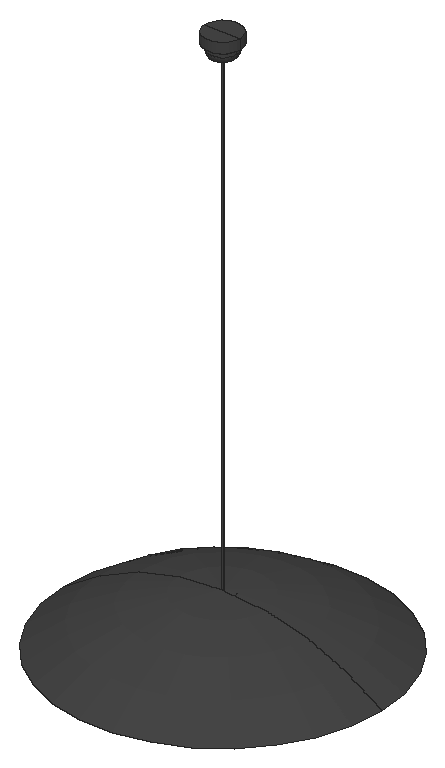
Revit family "OSDC 24,36,42,48 MB", category Lighting Fixtures, Revit 2020
Family settings
  Round Connector Dimension = Use Diameter
  Part Type = Normal
  OmniClass Number = 23.80.70.00
  OmniClass Title = Lighting
  Work Plane-Based = No
  Always vertical = Yes
  Cut with Voids When Loaded = No
  Light Source = Yes
  Shared = No
  Room Calculation Point = No
Parameters (values of type "OSDC48")
  Weight = "18.0 lbs"
  Wattage Comments = "200W Max"
  Wattage = 3.2 W
  Warranty = "5 year limited warranty"  # constant formula
  built-in parameter 1150110 = 1 (stored number, unit not read)
  Voltage = 277 V
  URL = "https://www.anplighting.com/assets/Uploads/product-attachments/specification-sheets/ANP-Specification-Sheet-RLM-MB-OSDC48.pdf"
  built-in parameter 1114217 = 1 (stored number, unit not read)
  Tilt Angle = 90.00°
  built-in parameter 1150109 = 1 (stored number, unit not read)
  built-in parameter 1150134 = (empty or 0)
  built-in parameter 1150113 = 1 (stored number, unit not read)
  OSDC48 = yes
  OSDC42 = no
  OSDC36 = no
  OSDC24 = no
  Mounting Option [instance] = 1
  Power Factor = 1
  Post Mount [instance] = Mounting Option = 5  # no
  Placement X axis side [instance] = if(Post Mount, 2' 2 15/32", if(Cord or Stem Mount, 0' 0", if(E36 20 inch, 1' 8 1/4", if(E 6 26 inch, 2' 2", if(E7 41 inch, 3' 5 1/4", 0' 1")))))  # 0' - 0"
  Photometric Web File = "OSDC48M037LDDW35K.ies"
  Model = "OSDC48"
  Manufacturer = "ANP Lighting"  # constant formula
  built-in parameter 1150105 = 4000 (stored number, unit not read)
  Lumens = 4000 lm
  built-in parameter 1150115 = 1 (stored number, unit not read)
  Load Classification = Lighting
  Light Source Height [instance] = 0' - 5"
  built-in parameter 1150137 = (empty or 0)
  built-in parameter 1150139 = (empty or 0)
  Light Elevation _2 [instance] = if(Post Mount, 0' 0.66142", if(E7 41 inch, 0' 0.66142", if(E36 20 inch, 0' 1.65748", if(E 6 26 inch, 0' 1.53543", if(Cord or Stem Mount, (0' 4.3622" + Cord Length), 0' 0")))))  # 6' - 4.3622"
  Light Elevation _1 [instance] = if(Post Mount, 0' 0", if(E7 41 inch, 0' 0", if(E36 20 inch, 0' 1", if(E 6 26 inch, 0' 0.87402", if(Cord or Stem Mount, (0' 3.66142" + Cord Length), 0' 0")))))  # 6' - 3.66142"
  Light Elevation [instance] = if(Post Mount, 14' 0.5315", if(E7 41 inch, 0' 0", 0' 0"))  # 0' - 0"
  Life = "L70 50,000 hours"  # constant formula
  built-in parameter 1150112 = 1 (stored number, unit not read)
  built-in parameter 1150114 = 1 (stored number, unit not read)
  Lamp = "MB"
  built-in parameter 1150132 = 2
  built-in parameter 1150102 = (empty or 0)
  built-in parameter 1150107 = 3500 (stored number, unit not read)
  built-in parameter 1150138 = (empty or 0)
  built-in parameter 1150106 = 40 (stored number, unit not read)
  INSIDE BODY = INSIDE BODY
  Fixture Height = 0' - 8"
  Fixture Diameter = 4' - 0"
  Efficiency = "65-125 lumens per watt"  # constant formula
  built-in parameter 1150104 = 116.13 (stored number, unit not read)
  E7 41 inch [instance] = Mounting Option = 4  # no
  E36 20 inch [instance] = Mounting Option = 3  # no
  E 6 26 inch [instance] = Mounting Option = 2  # no
  Dimming Lamp Color Temperature Shift = <None>
  Dimming = "1%"  # constant formula
  Description = "120-277 Voltage"  # constant formula
  Default Elevation = 0' - 0"
  Cord or Stem Mount [instance] = Mounting Option = 1  # yes
  Cord Length option [instance] = 0
  Cord Length [instance] = if([2' Cord], 2' 0", if([4' Cord], 4' 0", if([8' Cord], 8' 0", if([10' Cord], 10' 0", if([6' Cord], 6' 0", 6' 0")))))  # 6' - 0"
  Construction Material = "Heavy Duty spun aluminum."  # constant formula
  Color Filter = 16777215
  CRI = ">90"  # constant formula
  Bulb = Bulb
  Body Material = body
  Body Colour = "Spun aluminium"  # constant formula
  built-in parameter 1114218 = 1 (stored number, unit not read)
  built-in parameter 1150133 = 10 (stored number, unit not read)
  Apparent Load = 200 VA
  8' Cord [instance] = Cord Length option = 8  # no
  6' Cord [instance] = Cord Length option = 6  # no
  4' Cord [instance] = Cord Length option = 4  # no
  2' Cord [instance] = Cord Length option = 2  # no
  10' Cord [instance] = Cord Length option = 10  # no
Types (5): name | Weight | Wattage | URL | OSDC48 | OSDC42 | OSDC36 | OSDC24 | Model | built-in parameter 1150105 | Lumens | Light Source Height | built-in parameter 1150106 | Fixture Height | Fixture Diameter
  (no name) | "18.0 lbs" | 3.2 W | "https://www.anplighting.com/assets/Uploads/product-attachments/specification-sheets/ANP-Specification-Sheet-RLM-MB-OSDC48.pdf" | yes | no | no | no | "OSDC48" | 4000 (stored number, unit not read) | 4000 lm | 0' - 5" | 40 (stored number, unit not read) | 0' - 8" | 4' - 0"
  OSDC24 | "8.0 lbs" | 1.6 W | "https://www.anplighting.com/assets/Uploads/product-attachments/specification-sheets/ANP-Specification-Sheet-RLM-MB-OSDC24.pdf" | no | no | no | yes | "OSDC24" | 159.15 (stored number, unit not read) | 2000 lm | 0' - 4" | 1.5915 (stored number, unit not read) | 0' - 5" | 2' - 0"
  OSDC36 | "11.0 lbs" | 3.2 W | "https://www.anplighting.com/assets/Uploads/product-attachments/specification-sheets/ANP-Specification-Sheet-RLM-MB-OSDC36.pdf" | no | no | yes | no | "OSDC36" | 4000 (stored number, unit not read) | 4000 lm | 0' - 4" | 40 (stored number, unit not read) | 0' - 6" | 3' - 0"
  OSDC42 | "14.5 lbs" | 3.2 W | "https://www.anplighting.com/assets/Uploads/product-attachments/specification-sheets/ANP-Specification-Sheet-RLM-MB-OSDC42.pdf" | no | yes | no | no | "OSDC42" | 4000 (stored number, unit not read) | 4000 lm | 0' - 5" | 40 (stored number, unit not read) | 0' - 8" | 3' - 6"
  OSDC48 | "18.0 lbs" | 3.2 W | "https://www.anplighting.com/assets/Uploads/product-attachments/specification-sheets/ANP-Specification-Sheet-RLM-MB-OSDC48.pdf" | yes | no | no | no | "OSDC48" | 4000 (stored number, unit not read) | 4000 lm | 0' - 5" | 40 (stored number, unit not read) | 0' - 8" | 4' - 0"
Reference planes (in)
  plane 1 "Light Source Axis (F/B)": y = 0
  plane 2: z = 0
  plane 3 "Light Source Axis (L/R)": x = 0
  plane 4 "Light Source Elevation": z = 0
  plane 5: z = 0
  plane 6: x = 0
  plane 7 "Bulb Position": z = -76.3622
  plane 8 "Canopy Position": z = -75.66142
  plane 9 "IES": z = -81.3622
Dimensions and locks (in)
  "Light Elevation": plane 5 to plane 2
  "Placement X axis side": plane 6 to plane 3 "Light Source Axis (L/R)"
  "Light Elevation _2": plane 5 to plane 7 "Bulb Position"
  "Light Elevation _1": plane 5 to plane 8 "Canopy Position"
  "Light Source Height": plane 7 "Bulb Position" to plane 9 "IES"
  locked: plane 4 "Light Source Elevation" to plane 2
  aligned and locked: level to plane 2
  aligned and locked: plane 1 "Light Source Axis (F/B)" to nested 5
  aligned and locked: nested 5 to plane 2
  aligned and locked: nested 1 to plane 3 "Light Source Axis (L/R)"
  aligned and locked: plane 3 "Light Source Axis (L/R)" to nested 2
  aligned and locked: plane 3 "Light Source Axis (L/R)" to nested 4
  aligned and locked: nested 3 to plane 5
  aligned and locked: plane 3 "Light Source Axis (L/R)" to nested 3
  aligned and locked: plane 3 "Light Source Axis (L/R)" to nested 5
  aligned and locked: plane 1 "Light Source Axis (F/B)" to nested 2
  aligned and locked: plane 1 "Light Source Axis (F/B)" to nested 1
  aligned and locked: plane 1 "Light Source Axis (F/B)" to nested 4
  aligned and locked: plane 1 "Light Source Axis (F/B)" to nested 3
  aligned and locked: plane 2 to nested 1
  aligned and locked: plane 2 to nested 2
  aligned and locked: nested 4 to plane 2
  aligned and locked: imposter light to plane 9 "IES"
  aligned and locked: imposter light to plane 6
  aligned and locked: nested 6 to plane 8 "Canopy Position"
  aligned and locked: nested 8 to plane 8 "Canopy Position"
  aligned and locked: nested 7 to plane 8 "Canopy Position"
  aligned and locked: nested 9 to plane 8 "Canopy Position"
  aligned and locked: nested 6 to plane 6
  aligned and locked: nested 7 to plane 6
  aligned and locked: nested 8 to plane 6
  aligned and locked: nested 9 to plane 6
Nested families (in)
  nested 1: "CORD OR STEM MOUNT" at (0, 0, -75.67), visible <- "Cord or Stem Mount", Cord or Stem Mount <- "Cord or Stem Mount", Body Material <- "Body Material", Light Elevation <- "Light Elevation", Cord Length <- "Cord Length", 10' Cord <- "10' Cord", 2' Cord <- "2' Cord", 4' Cord <- "4' Cord", 6' Cord <- "6' Cord", 8' Cord <- "8' Cord", type "CORD OR STEM MOUNT"
    with Light Elevation 0' - 0", Cord or Stem Mount yes, Cord Length 6' - 0", Body Material body, 8' Cord no, 6' Cord no, 4' Cord no, 2' Cord no, 10' Cord no
  nested 2: "E6 26 INCH" at (0, 0, 0), visible <- "E 6 26 inch", Chain Length <- "Cord Length", E 6 26 inch <- "E 6 26 inch", Placement X axis side <- "Placement X axis side", Body Material <- "Body Material", Light Elevation <- "Light Elevation", type "E6 26 INCH"
    with Placement X axis side 0' - 0", Light Elevation 0' - 0", E 6 26 inch no, Chain Length 6' - 0", Body Material body
  nested 3: "E7 41 INCH" at (0, 0, 0), Chain Length <- "Cord Length", visible <- "E7 41 inch", E7 41 inch <- "E7 41 inch", Placement X axis side <- "Placement X axis side", Body Material <- "Body Material", Light Elevation <- "Light Elevation", type "E7 41 INCH"
    with Placement X axis side 0' - 0", Light Elevation 0' - 0", E7 41 inch no, Chain Length 6' - 0", Body Material body
  nested 4: "E36 20 INCH" at (0, 0, 0), visible <- "E36 20 inch", E36 20 inch <- "E36 20 inch", Placement X axis side <- "Placement X axis side", Chain Length <- "Cord Length", Body Material <- "Body Material", Light Elevation <- "Light Elevation", type "E36 20 INCH"
    with Placement X axis side 0' - 0", Light Elevation 0' - 0", E36 20 inch no, Chain Length 6' - 0", Body Material body
  nested 5: "POST MOUNT" at (0, 0, 0), visible <- "Post Mount", Post Mount <- "Post Mount", Placement X axis side <- "Placement X axis side", Chain Length <- "Cord Length", Body Material <- "Body Material", Light Elevation <- "Light Elevation", type "POST MOUNT"
    with Post Mount no, Placement X axis side 0' - 0", Light Elevation 0' - 0", Chain Length 6' - 0", Body Material body
  nested 6: "OSDC24" at (0, 0, -75.66142), Light Elevation <- "Light Elevation", Body <- "Body Material", Bulb <- "Bulb", OSDC24 <- "OSDC24", visible <- "OSDC24", type "OSDC24"
    with OSDC24 no, Light Elevation 0' - 0", Bulb Bulb, Body body
  nested 7: "OSDC36" at (0, 0, -75.66142), Light Elevation <- "Light Elevation", Body <- "Body Material", Bulb <- "Bulb", OSDC36 <- "OSDC36", visible <- "OSDC36", type "OSDC36"
    with OSDC36 no, Light Elevation 0' - 0", INNER MATERIAL none, Bulb Bulb, Body body
  nested 8: "OSDC42" at (0, 0, -75.66142), Light Elevation <- "Light Elevation", Body <- "Body Material", Bulb <- "Bulb", INSIDE BODY <- "INSIDE BODY", OSDC42 <- "OSDC42", visible <- "OSDC42", type "OSDC42"
    with OSDC42 no, Light Elevation 0' - 0", INSIDE BODY INSIDE BODY, Bulb Bulb, Body body
  nested 9: "OSDC48" at (0, 0, -75.66142), Light Elevation <- "Light Elevation", Body <- "Body Material", Bulb <- "Bulb", visible <- "OSDC48", type "OSDC48"
    with Light Elevation 0' - 0", Bulb Bulb, Body body
Definition of nested family "CORD OR STEM MOUNT"
  Parameters (values of type "CORD OR STEM MOUNT")
    URL = ""
    Model = ""
    Manufacturer = ""
    Light Elevation [instance] = 1' - 7.69"
    Default Elevation = 0' - 0"
    Cord or Stem Mount [instance] = yes
    Cord Length [instance] = 6' - 0"
    Body Material [instance] = none
    8' Cord [instance] = no
    6' Cord [instance] = no
    4' Cord [instance] = no
    2' Cord [instance] = no
    10' Cord [instance] = no
  Reference planes (in)
    plane 1 "Light Source Axis (F/B)": y = 0
    plane 2: z = 0
    plane 3 "Light Source Axis (L/R)": x = 0
    plane 4 "Light Source Elevation": z = 23.125
    plane 5: z = 91.69
    plane 6: z = 19.69
  Forms (in)
    Extrusion 1, void, not visible
      sketch origin (0, 0, 2.38154) x (1, 0, 0) y (0, 0, 1)
        loop
          circle (0, 4.59925) r 0.16583
      from 1.18594 to 1.75
    Extrusion 2, void, not visible
      sketch origin (0, 0, 2.38154) x (0.707107, -0.707107, 0) y (0, 0, 1)
        loop
          circle (0, 4.59925) r 0.16583
      from 1.18594 to 1.75
    Extrusion 3, void, not visible
      sketch origin (0, 0, 2.38154) x (0.707107, 0.707107, 0) y (0, 0, 1)
        loop
          circle (0, 4.59925) r 0.16583
      from 1.18594 to 1.75
    Extrusion 4, void, not visible
      sketch origin (0, 0, 2.38154) x (0, 1, 0) y (0, 0, 1)
        loop
          circle (0, 4.59925) r 0.16583
      from 1.18594 to 1.75
    Extrusion 5, void, not visible
      sketch origin (0, 0, 2.38154) x (-0.707107, 0.707107, 0) y (0, 0, 1)
        loop
          circle (0, 4.59925) r 0.16583
      from 1.18594 to 1.75
    Extrusion 6, void, not visible
      sketch origin (0, 0, 2.38154) x (-1, 0, 0) y (0, 0, 1)
        loop
          circle (0, 4.59925) r 0.20678
      from 1.18594 to 1.75
    Extrusion 7, void, not visible
      sketch origin (0, 0, 2.38154) x (-0.707107, -0.707107, 0) y (0, 0, 1)
        loop
          circle (0, 4.59925) r 0.16583
      from 1.18594 to 1.75
    Extrusion 8, void, not visible
      sketch origin (0, 0, 2.38154) x (0, -1, 0) y (0, 0, 1)
        loop
          circle (0, 4.59925) r 0.16583
      from 1.18594 to 1.75
    Revolve 9, solid, material <- "Body Material", visible <- "Cord or Stem Mount"
      sketch origin (0, 0, 174.56698) x (1, 0, 0) y (0, 0, 1)
        loop
          line (2.6875, -79.20698) -> (0, -79.20698) -> (0, -82.87698) -> (0.125, -82.87698) -> (0.125, -82.83698) -> (0.75, -82.83698)
          arc (0.75, -82.83698) -> (0.81694, -82.77004) -> (0.75, -82.7031) r 0.06694
          line (0.75, -82.7031) -> (0.89763, -82.7031) -> (1.00223, -82.5985) -> (1.06587, -82.5985)
          arc (1.06587, -82.5985) -> (1.80099, -82.29401) -> (2.10549, -81.55888) r 1.03962
          line (2.10549, -81.55888) -> (2.10549, -81.03899)
          arc (2.10549, -81.03899) -> (2.12951, -80.981) -> (2.1875, -80.95698) r 0.08201
          line (2.1875, -80.95698) -> (2.1875, -80.70698) -> (2.6875, -80.70698) -> (2.6875, -79.20698)
        axis (0, -79.20698) -> (0, -82.87698)
      angle from 0 to 360
    Revolve 10, solid, material <- "Body Material", visible <- "Cord or Stem Mount"
      sketch origin (0, 0, 0) x (1, 0, 0) y (0, 0, 1)
        loop
          line (0, 91.69) -> (-0.125, 91.69) -> (-0.125, 19.69) -> (0, 19.69) -> (0, 91.69)
        axis (0, 19.69) -> (0, 91.69)
      angle from 0 to 360
  Dimensions and locks (in)
    "Light Elevation": plane 6 to plane 2
    "Cord Length": plane 5 to plane 6
    locked: Revolve 10 sketch curve to Revolve 10 sketch curve at 0.125
    aligned and locked: level to plane 2
    aligned and locked: Revolve 10 sketch curve to plane 3 "Light Source Axis (L/R)"
    aligned and locked: Revolve 10 sketch curve to plane 6
    aligned and locked: Revolve 10 sketch curve to plane 5
    aligned and locked: plane 3 "Light Source Axis (L/R)" to Revolve 10 sketch curve
  Automatic sketch dimensions
    Revolve 9 sketch curve to plane 3 "Light Source Axis (L/R)" = 0' - 0"  (x2)
    Revolve 9 sketch curve to plane 5 = 0' - 0"
    plane 3 "Light Source Axis (L/R)" to Revolve 9 sketch curve = 0' - 0 1/8"
    Revolve 9 sketch curve to plane 5 = 0' - 0.17388"
    Revolve 9 sketch curve to Revolve 9 sketch curve = 0' - 0 5/8"
    Revolve 9 sketch curve to Revolve 9 sketch curve = 0' - 0.14763"
    Revolve 9 sketch curve to plane 5 = 0' - 0.27847"
    Revolve 9 sketch curve to Revolve 9 sketch curve = 0' - 0.1046"
    Revolve 9 sketch curve to Revolve 9 sketch curve = 0' - 0.06364"
    Revolve 9 sketch curve to Revolve 9 sketch curve = 0' - 1.03962"
    Revolve 9 sketch curve to Revolve 9 sketch curve = 0' - 0 21/256"
    Revolve 9 sketch curve to Revolve 9 sketch curve = 0' - 0 1/2"  (x2)
    Revolve 9 sketch curve to Revolve 9 sketch curve = 0' - 0.51989"
    Revolve 9 sketch curve to Revolve 9 sketch curve = 0' - 0 1/4"
    Revolve 9 sketch curve to Revolve 9 sketch curve = 0' - 2.3519"
    Revolve 9 sketch curve to Revolve 9 sketch curve = 0' - 1 1/4"
    Revolve 9 sketch curve to Revolve 9 sketch curve = 0' - 0.04"
    Revolve 10 sketch curve to Revolve 10 sketch curve = 0' - 0 1/2"
    Revolve 10 sketch curve to Revolve 10 sketch curve = 0' - 0.42345"
Definition of nested family "OSDC48"
  Parameters (values of type "OSDC48")
    OSDC48 = yes
    Light Elevation [instance] = 0' - 0"
    Inside Body = none
    Default Elevation = 0' - 0"
    Bulb [instance] = none
    Body [instance] = none
  Reference planes (in)
    plane 1 "Center (Front/Back)": y = 0
    plane 2: z = 0
    plane 3 "Center (Left/Right)": x = 0
    plane 4: z = 0
  Dimensions and locks (in)
    "Light Elevation": plane 4 to plane 2
    aligned and locked: plane 2 to level
    aligned and locked: plane 3 "Center (Left/Right)" to nested 1
    aligned and locked: plane 1 "Center (Front/Back)" to nested 1
    aligned and locked: plane 4 to nested 1
  Nested families (in)
    nested 1: "Family17" at (0, 0, -7.99951), Body <- "Body", INSIDE BODY <- "Inside Body", visible <- "OSDC48", OSDC48 <- "OSDC48", Bulb <- "Bulb", type "Family17"
      with OSDC48 yes, INSIDE BODY none, Body none
  Definition of nested family "Family17"
    Parameters (values of type "Family17")
      OSDC48 [instance] = yes
      INSIDE BODY [instance] = none
      Default Elevation = 0' - 0"
      Bulb [instance] = none
      Body [instance] = none
    Reference planes (in)
      plane 1 "Center (Front/Back)": y = 0
      plane 2: z = 0
      plane 3 "Center (Left/Right)": x = 0
    Forms (in)
      Revolve 1, solid, material <- "Body", visible <- "OSDC48"
        sketch origin (0, 0, 0) x (1, 0, 0) y (0, 0, 1)
          loop
            line (0.1985, 7.99951) -> (0.1985, 7.89951)
            arc (0.1985, 7.89951) -> (12.64826, 5.84219) -> (23.83296, 0) r 39.9
            line (23.83296, 0) -> (24, 0)
            arc (24, 0) -> (12.74323, 5.91583) -> (0.1985, 7.99951) r 40
          axis (0, 0) -> (0, 7.99951)
        angle from 0 to 360
      Revolve 2, solid, material <- "INSIDE BODY", visible <- "OSDC48"
        sketch origin (0, 0, 0) x (1, 0, 0) y (0, 0, 1)
          loop
            line (0.1985, 7.88375) -> (0.1985, 7.78375)
            arc (0.1985, 7.78375) -> (12.52659, 5.75929) -> (23.61309, 0) r 39.65652
            line (23.61309, 0) -> (23.78077, 0)
            arc (23.78077, 0) -> (12.62184, 5.83295) -> (0.1985, 7.88375) r 39.75652
          axis (0, 0) -> (0, 7.88375)
        angle from 0 to 360
      Revolve 3, solid, material <- "Bulb", visible <- "OSDC48"
        sketch origin (0, 0, 0) x (1, 0, 0) y (0, 0, 1)
          loop
            line (0, 6) -> (0.75, 6) -> (0.75, 6.25) -> (0.89811, 6.25) -> (1.70331, 7.64466)
            arc (1.70331, 7.64466) -> (0.85359, 7.74288) -> (0, 7.6875) r 4.76185
            line (0, 7.6875) -> (0, 6)
          axis (0, 7.6875) -> (0, 6)
        angle from 0 to 360
    Dimensions and locks (in)
      locked: Revolve 3 to plane 2 at 6
      aligned and locked: plane 2 to level
Definition of nested family "E6 26 INCH"
  Parameters (values of type "E6 26 INCH")
    URL = ""
    Placement X axis side [instance] = 2' - 2"
    Model = ""
    Manufacturer = ""
    Light Elevation [instance] = 8' - 4"
    E 6 26 inch [instance] = yes
    Default Elevation = 0' - 0"
    Chain Length [instance] = 0' - 0"
    Body Material [instance] = none
  Reference planes (in)
    plane 1 "Light Source Axis (F/B)": y = 0
    plane 2: z = 0
    plane 3 "Light Source Axis (L/R)": x = 0
    plane 4 "Light Source Elevation": z = 23.125
    plane 5: z = 100
    plane 6: x = -26
    plane 7: z = 99.125
    plane 8: x = -24.12
    plane 9: x = -25.5474
  Forms (in)
    Extrusion 1, void, not visible
      sketch origin (0, 0, 2.38154) x (1, 0, 0) y (0, 0, 1)
        loop
          circle (0, 4.59925) r 0.16583
      from 1.18594 to 1.75
    Extrusion 2, void, not visible
      sketch origin (0, 0, 2.38154) x (0.707107, -0.707107, 0) y (0, 0, 1)
        loop
          circle (0, 4.59925) r 0.16583
      from 1.18594 to 1.75
    Extrusion 3, void, not visible
      sketch origin (0, 0, 2.38154) x (0.707107, 0.707107, 0) y (0, 0, 1)
        loop
          circle (0, 4.59925) r 0.16583
      from 1.18594 to 1.75
    Extrusion 4, void, not visible
      sketch origin (0, 0, 2.38154) x (0, 1, 0) y (0, 0, 1)
        loop
          circle (0, 4.59925) r 0.16583
      from 1.18594 to 1.75
    Extrusion 5, void, not visible
      sketch origin (0, 0, 2.38154) x (-0.707107, 0.707107, 0) y (0, 0, 1)
        loop
          circle (0, 4.59925) r 0.16583
      from 1.18594 to 1.75
    Extrusion 6, void, not visible
      sketch origin (0, 0, 2.38154) x (-1, 0, 0) y (0, 0, 1)
        loop
          circle (0, 4.59925) r 0.20678
      from 1.18594 to 1.75
    Extrusion 7, void, not visible
      sketch origin (0, 0, 2.38154) x (-0.707107, -0.707107, 0) y (0, 0, 1)
        loop
          circle (0, 4.59925) r 0.16583
      from 1.18594 to 1.75
    Extrusion 8, void, not visible
      sketch origin (0, 0, 2.38154) x (0, -1, 0) y (0, 0, 1)
        loop
          circle (0, 4.59925) r 0.16583
      from 1.18594 to 1.75
    Sweep 9, solid, material <- "Body Material", visible <- "E 6 26 inch"
      path origin (-41.25, 0, 168.51693) x (1, 0, 0) y (0, 0, 1)
        loop
          line (17.13, -68.51693) -> (27.68551, -68.51693)
          arc (27.68551, -68.51693) -> (28.47996, -68.34486) -> (29.13202, -67.8595) r 1.92004
          line (29.13202, -67.8595) -> (34.23651, -62.01155)
          arc (34.23651, -62.01155) -> (38.65464, -60.89667) -> (41.25, -64.64193) r 4
          line (41.25, -64.64193) -> (41.25, -69.39193)
      profile origin (-18.84224, 0, 100) x (0, 0, 1) y (0, -1, 0)
        loop
          circle (0, 0) r 0.5
    Revolve 10, solid, material <- "Body Material", visible <- "E 6 26 inch"
      sketch origin (-26, 0, 168.51693) x (1, 0, 0) y (0, 0, 1)
        loop
          line (0, -66.07943) -> (0, -68.51693) -> (1.88, -68.51693) -> (1.88, -67.69272) -> (0.4526, -67.69272) -> (0.4526, -66.54122) -> (0.33125, -66.54122) -> (0.33125, -66.07943) -> (0, -66.07943)
        axis (0, -68.51693) -> (1.88, -68.51693)
      angle from 0 to 360
    Extrusion 11, solid, material <- "Body Material", visible <- "E 6 26 inch"
      sketch origin (-26, 0, 168.51693) x (0, -1, 0) y (0, 0, -1)
        loop
          line (0.25, 68.51693) -> (0.25, 69.51693) -> (-0.25, 69.51693) -> (-0.25, 68.51693) -> (0.25, 68.51693)
      from 0.4526 to 1.88
  Cuts and joins
    joined: Revolve 10, Extrusion 11
  Dimensions and locks (in)
    "Light Elevation": plane 5 to plane 2
    "Placement X axis side": plane 3 "Light Source Axis (L/R)" to plane 6
    locked: plane 5 to plane 7 at 0.875
    Revolve 10 sketch curve to Revolve 10 sketch curve to Revolve 10 sketch curve to plane 6 = 0' - 1.4274" locked, 0' - 0.12135" locked, 0' - 0.33125" locked
    Revolve 10 sketch curve to Revolve 10 sketch curve to Revolve 10 sketch curve to plane 5 = 0' - 0.46179" locked, 0' - 1.1515" locked, 0' - 0 211/256" locked
    locked: Sweep 9 sketch curve to plane 6 at 1.88
    locked: Sweep 9 sketch curve to Sweep 9 sketch curve at 10.55551
    locked: Sweep 9 sketch curve to Sweep 9 sketch curve at 13.56449
    locked: Sweep 9 sketch curve to Sweep 9 sketch curve at 4.75
    locked: plane 9 to plane 6 at 0.4526
    locked: plane 8 to plane 9 at 1.4274
    aligned and locked: level to plane 2
    aligned and locked: Revolve 10 sketch curve to plane 6
    aligned and locked: plane 5 to Revolve 10 sketch curve
    aligned and locked: Revolve 10 sketch curve to plane 5
    aligned and locked: cut or joined group of Revolve 10, Extrusion 11 to plane 9
    aligned and locked: plane 8 to cut or joined group of Revolve 10, Extrusion 11
  Automatic sketch dimensions
    Sweep 9 sketch curve to plane 5 = 0' - 0"
    Sweep 9 sketch curve to Sweep 9 sketch curve = 0' - 4"
    Sweep 9 sketch curve to Sweep 9 sketch curve = 0' - 3.01349"
    plane 5 to Sweep 9 sketch curve = 0' - 0.65743"
    Sweep 9 sketch curve to Sweep 9 sketch curve = 0' - 1.4465"
    Sweep 9 sketch curve to plane 5 = 0' - 0 7/8"
    profile plane to Sweep 9 sketch curve = 0' - 0"
    Sweep 9 sketch curve to profile plane = 0' - 0"
    plane 6 to Revolve 10 sketch curve = 0' - 0.62562"
    Revolve 10 sketch curve to Revolve 10 sketch curve = 0' - 0 1/2"
    Extrusion 11 sketch curve to plane 5 = 0' - 0"
    plane 1 "Light Source Axis (F/B)" to Extrusion 11 sketch curve = 0' - 0 1/4"
    Extrusion 11 sketch curve to plane 1 "Light Source Axis (F/B)" = 0' - 0 1/4"
    plane 5 to Extrusion 11 sketch curve = 0' - 1"
    radius of Sweep 9 sketch curve = 0' - 0 1/2"
Definition of nested family "E7 41 INCH"
  Parameters (values of type "E7 41 INCH")
    URL = ""
    Placement X axis side [instance] = 4' - 2"
    Model = ""
    Manufacturer = ""
    Light Elevation [instance] = 8' - 4"
    E7 41 inch [instance] = yes
    Default Elevation = 0' - 0"
    Chain Length [instance] = 0' - 0"
    Body Material [instance] = none
  Reference planes (in)
    plane 1 "Light Source Axis (F/B)": y = 0
    plane 2: z = 0
    plane 3 "Light Source Axis (L/R)": x = 0
    plane 4 "Light Source Elevation": z = 23.125
    plane 5: z = 100
    plane 6: x = -50
  Forms (in)
    Extrusion 1, void, not visible
      sketch origin (0, 0, 2.38154) x (1, 0, 0) y (0, 0, 1)
        loop
          circle (0, 4.59925) r 0.16583
      from 1.18594 to 1.75
    Extrusion 2, void, not visible
      sketch origin (0, 0, 2.38154) x (0.707107, -0.707107, 0) y (0, 0, 1)
        loop
          circle (0, 4.59925) r 0.16583
      from 1.18594 to 1.75
    Extrusion 3, void, not visible
      sketch origin (0, 0, 2.38154) x (0.707107, 0.707107, 0) y (0, 0, 1)
        loop
          circle (0, 4.59925) r 0.16583
      from 1.18594 to 1.75
    Extrusion 4, void, not visible
      sketch origin (0, 0, 2.38154) x (0, 1, 0) y (0, 0, 1)
        loop
          circle (0, 4.59925) r 0.16583
      from 1.18594 to 1.75
    Extrusion 5, void, not visible
      sketch origin (0, 0, 2.38154) x (-0.707107, 0.707107, 0) y (0, 0, 1)
        loop
          circle (0, 4.59925) r 0.16583
      from 1.18594 to 1.75
    Extrusion 6, void, not visible
      sketch origin (0, 0, 2.38154) x (-1, 0, 0) y (0, 0, 1)
        loop
          circle (0, 4.59925) r 0.20678
      from 1.18594 to 1.75
    Extrusion 7, void, not visible
      sketch origin (0, 0, 2.38154) x (-0.707107, -0.707107, 0) y (0, 0, 1)
        loop
          circle (0, 4.59925) r 0.16583
      from 1.18594 to 1.75
    Extrusion 8, void, not visible
      sketch origin (0, 0, 2.38154) x (0, -1, 0) y (0, 0, 1)
        loop
          circle (0, 4.59925) r 0.16583
      from 1.18594 to 1.75
    Revolve 9, solid, material <- "Body Material", visible <- "E7 41 inch"
      sketch origin (-41.25, 0, 168.39193) x (1, 0, 0) y (0, 0, 1)
        loop
          line (-8.75, -66.20443) -> (-8.75, -68.51693) -> (-6.87, -68.51693) -> (-6.87, -67.69272) -> (-8.2974, -67.69272) -> (-8.2974, -66.54122) -> (-8.41875, -66.54122) -> (-8.41875, -66.20443) -> (-8.75, -66.20443)
        axis (-8.75, -68.51693) -> (-6.87, -68.51693)
      angle from 0 to 360
    Extrusion 10, solid, material <- "Body Material", visible <- "E7 41 inch"
      sketch origin (-41.25, 0, 168.39193) x (0, -1, 0) y (0, 0, -1)
        loop
          line (0.25, 68.51693) -> (0.25, 69.51693) -> (-0.25, 69.51693) -> (-0.25, 68.51693) -> (0.25, 68.51693)
      from -8.2974 to -6.87
    Sweep 11, solid, material <- "Body Material", visible <- "E7 41 inch"
      path origin (-41.25, 0, 168.39193) x (1, 0, 0) y (0, 0, 1)
        loop
          line (-6.87, -68.51693) -> (16.04011, -68.51693)
          arc (16.04011, -68.51693) -> (17.864, -68.13651) -> (19.38375, -67.0587) r 4.5625
          line (19.38375, -67.0587) -> (24.70217, -61.33018)
          arc (24.70217, -61.33018) -> (29.64465, -60.20324) -> (32.5, -64.39193) r 4.5
          line (32.5, -64.39193) -> (32.5, -68.39193)
      profile origin (-36.66494, 0, 99.875) x (0, 0, 1) y (0, -1, 0)
        loop
          circle (0, 0) r 0.5
  Dimensions and locks (in)
    "Placement X axis side": plane 3 "Light Source Axis (L/R)" to plane 6
    "Light Elevation": plane 5 to plane 2
    locked: Revolve 9 sketch curve to Revolve 9 sketch curve at 0.33125
    locked: Revolve 9 sketch curve to Revolve 9 sketch curve at 0.4526
    locked: Revolve 9 sketch curve to Revolve 9 sketch curve at 1.88
    locked: Revolve 9 sketch curve to Revolve 9 sketch curve at 0.82421
    locked: Revolve 9 sketch curve to Revolve 9 sketch curve at 1.1515
    locked: Revolve 9 sketch curve to Revolve 9 sketch curve at 0.33679
    locked: plane 5 to Revolve 9 sketch curve at 0.125
    locked: Extrusion 10 sketch curve to Extrusion 10 sketch curve at 0.5
    locked: Extrusion 10 sketch curve to Extrusion 10 sketch curve at 1
    locked: plane 5 to Extrusion 10 sketch curve at 0.125
    locked: plane 5 to Sweep 11 sketch curve at 0.125
    locked: Sweep 11 sketch curve to Sweep 11 sketch curve at 39.37
    locked: Sweep 11 sketch curve to Sweep 11 sketch curve at 4
    locked: plane 6 to Extrusion 10 at 0.4526
    locked: Sweep 11 sketch curve to plane 6 at 1.88
    locked: Extrusion 10 to Extrusion 10 at 1.4274
    aligned and locked: plane 2 to level
    aligned and locked: Revolve 9 sketch curve to plane 6
  Automatic sketch dimensions
    Revolve 9 sketch curve to plane 5 = 0' - 0 1/8"
    plane 6 to Revolve 9 sketch curve = 0' - 0.62562"
    Revolve 9 sketch curve to Revolve 9 sketch curve = 0' - 0 1/2"
    plane 1 "Light Source Axis (F/B)" to Extrusion 10 sketch curve = 0' - 0 1/4"
    Sweep 11 sketch curve to plane 5 = 0' - 0"
    Sweep 11 sketch curve to Sweep 11 sketch curve = 0' - 4 1/2"
    Sweep 11 sketch curve to Sweep 11 sketch curve = 0' - 3.29783"
    plane 5 to Sweep 11 sketch curve = 0' - 1.33323"
    Sweep 11 sketch curve to Sweep 11 sketch curve = 0' - 5.31842"
    Sweep 11 sketch curve to Sweep 11 sketch curve = 0' - 3.34364"
    profile plane to Sweep 11 sketch curve = 0' - 0"
    Sweep 11 sketch curve to profile plane = 0' - 0"
    radius of Sweep 11 sketch curve = 0' - 0 1/2"
Definition of nested family "E36 20 INCH"
  Parameters (values of type "E36 20 INCH")
    URL = ""
    Placement X axis side [instance] = 1' - 8 1/4"
    Model = ""
    Manufacturer = ""
    Light Elevation [instance] = 8' - 4"
    E36 20 inch [instance] = yes
    Default Elevation = 0' - 0"
    Chain Length [instance] = 0' - 0"
    Body Material [instance] = none
  Reference planes (in)
    plane 1 "Light Source Axis (F/B)": y = 0
    plane 2: z = 0
    plane 3 "Light Source Axis (L/R)": x = 0
    plane 4 "Light Source Elevation": z = 23.125
    plane 5: z = 99
    plane 6: x = -20.25
    plane 7: z = 100
    plane 8: x = -18.37008
    plane 9: x = -19.79724
  Forms (in)
    Extrusion 1, void, not visible
      sketch origin (0, 0, 2.38154) x (1, 0, 0) y (0, 0, 1)
        loop
          circle (0, 4.59925) r 0.16583
      from 1.18594 to 1.75
    Extrusion 2, void, not visible
      sketch origin (0, 0, 2.38154) x (0.707107, -0.707107, 0) y (0, 0, 1)
        loop
          circle (0, 4.59925) r 0.16583
      from 1.18594 to 1.75
    Extrusion 3, void, not visible
      sketch origin (0, 0, 2.38154) x (0.707107, 0.707107, 0) y (0, 0, 1)
        loop
          circle (0, 4.59925) r 0.16583
      from 1.18594 to 1.75
    Extrusion 4, void, not visible
      sketch origin (0, 0, 2.38154) x (0, 1, 0) y (0, 0, 1)
        loop
          circle (0, 4.59925) r 0.16583
      from 1.18594 to 1.75
    Extrusion 5, void, not visible
      sketch origin (0, 0, 2.38154) x (-0.707107, 0.707107, 0) y (0, 0, 1)
        loop
          circle (0, 4.59925) r 0.16583
      from 1.18594 to 1.75
    Extrusion 6, void, not visible
      sketch origin (0, 0, 2.38154) x (-1, 0, 0) y (0, 0, 1)
        loop
          circle (0, 4.59925) r 0.20678
      from 1.18594 to 1.75
    Extrusion 7, void, not visible
      sketch origin (0, 0, 2.38154) x (-0.707107, -0.707107, 0) y (0, 0, 1)
        loop
          circle (0, 4.59925) r 0.16583
      from 1.18594 to 1.75
    Extrusion 8, void, not visible
      sketch origin (0, 0, 2.38154) x (0, -1, 0) y (0, 0, 1)
        loop
          circle (0, 4.59925) r 0.16583
      from 1.18594 to 1.75
    Sweep 9, solid, material <- "Body Material", visible <- "E36 20 inch"
      path origin (-41.25, 0, 169.51693) x (1, 0, 0) y (0, 0, 1)
        loop
          line (22.88, -69.51693) -> (28.93827, -69.51693)
          arc (28.93827, -69.51693) -> (29.97705, -69.28152) -> (30.81284, -68.62128) r 2.40953
          line (30.81284, -68.62128) -> (34.13807, -64.50378)
          arc (34.13807, -64.50378) -> (38.58272, -63.24548) -> (41.25, -67.01693) r 4
          line (41.25, -67.01693) -> (41.25, -70.51693)
      profile origin (-15.34086, 0, 100) x (0, 0, 1) y (0, -1, 0)
        loop
          circle (0, 0) r 0.5
    Revolve 10, solid, material <- "Body Material", visible <- "E36 20 inch"
      sketch origin (-20.25, 0, 169.51693) x (1, 0, 0) y (0, 0, 1)
        loop
          line (0, -67.20443) -> (0, -69.51693) -> (1.88, -69.51693) -> (1.88, -68.69272) -> (0.4526, -68.69272) -> (0.4526, -67.54122) -> (0.33125, -67.54122) -> (0.33125, -67.20443) -> (0, -67.20443)
        axis (0, -69.51693) -> (1.88, -69.51693)
      angle from 0 to 360
    Extrusion 11, solid, material <- "Body Material", visible <- "E36 20 inch"
      sketch origin (-20.25, 0, 169.51693) x (0, -1, 0) y (0, 0, -1)
        loop
          line (0.25, 69.51693) -> (0.25, 70.51693) -> (-0.25, 70.51693) -> (-0.25, 69.51693) -> (0.25, 69.51693)
      from 1.87992 to 0.45276
  Cuts and joins
    joined: Revolve 10, Extrusion 11
  Dimensions and locks (in)
    "Light Elevation": plane 7 to plane 2
    "Placement X axis side": plane 3 "Light Source Axis (L/R)" to plane 6
    locked: plane 7 to plane 5 at 1
    Revolve 10 sketch curve to Revolve 10 sketch curve to Revolve 10 sketch curve to plane 7 = 0' - 0.33679" locked, 0' - 1.1515" locked, 0' - 0 211/256" locked
    locked: Sweep 9 sketch curve to plane 6 at 1.88
    locked: Sweep 9 sketch curve to Sweep 9 sketch curve at 6.05827
    locked: Sweep 9 sketch curve to Sweep 9 sketch curve at 12.31173
    locked: Sweep 9 sketch curve to Sweep 9 sketch curve at 3.5
    Revolve 10 sketch curve to Revolve 10 sketch curve to Revolve 10 sketch curve to plane 6 = 0' - 1.4274" locked, 0' - 0.12135" locked, 0' - 0.33125" locked
    locked: plane 9 to plane 6 at 0.45276
    locked: plane 8 to plane 9 at 1.42717
    aligned and locked: level to plane 2
    aligned and locked: plane 7 to Revolve 10 sketch curve
    aligned and locked: Revolve 10 sketch curve to plane 7
    aligned and locked: Revolve 10 sketch curve to plane 6
    aligned and locked: cut or joined group of Revolve 10, Extrusion 11 to plane 9
    aligned and locked: plane 8 to cut or joined group of Revolve 10, Extrusion 11
  Automatic sketch dimensions
    Sweep 9 sketch curve to plane 7 = 0' - 0"
    Sweep 9 sketch curve to plane 5 = 0' - 0"
    Sweep 9 sketch curve to Sweep 9 sketch curve = 0' - 4"
    Sweep 9 sketch curve to plane 7 = 0' - 0.89565"
    Sweep 9 sketch curve to Sweep 9 sketch curve = 0' - 3.32523"
    Sweep 9 sketch curve to Sweep 9 sketch curve = 0' - 1.87457"
    profile plane to Sweep 9 sketch curve = 0' - 0"
    Sweep 9 sketch curve to profile plane = 0' - 0"
    plane 6 to Revolve 10 sketch curve = 0' - 0.62562"
    Revolve 10 sketch curve to Revolve 10 sketch curve = 0' - 0 1/2"
    plane 7 to Extrusion 11 sketch curve = 0' - 0"
    Extrusion 11 sketch curve to plane 5 = 0' - 0"
    plane 1 "Light Source Axis (F/B)" to Extrusion 11 sketch curve = 0' - 0 1/4"
    Extrusion 11 sketch curve to plane 1 "Light Source Axis (F/B)" = 0' - 0 1/4"
    radius of Sweep 9 sketch curve = 0' - 0 1/2"
Definition of nested family "POST MOUNT"
  Parameters (values of type "POST MOUNT")
    URL = ""
    Post Mount [instance] = yes
    Placement X axis side [instance] = 2' - 2 1/2"
    Model = ""
    Manufacturer = ""
    Light Elevation [instance] = 14' - 0.5168"
    Default Elevation = 0' - 0"
    Chain Length [instance] = 0' - 0"
    Body Material [instance] = none
  Reference planes (in)
    plane 1 "Light Source Axis (F/B)": y = 0
    plane 2: z = 0
    plane 3 "Light Source Axis (L/R)": x = 0
    plane 4 "Light Source Elevation": z = 23.125
    plane 5: x = -26.5
    plane 6: z = 168.5168
  Forms (in)
    Extrusion 1, void, not visible
      sketch origin (0, 0, 2.38154) x (1, 0, 0) y (0, 0, 1)
        loop
          circle (0, 4.59925) r 0.16583
      from 1.18594 to 1.75
    Extrusion 2, void, not visible
      sketch origin (0, 0, 2.38154) x (0.707107, -0.707107, 0) y (0, 0, 1)
        loop
          circle (0, 4.59925) r 0.16583
      from 1.18594 to 1.75
    Extrusion 3, void, not visible
      sketch origin (0, 0, 2.38154) x (0.707107, 0.707107, 0) y (0, 0, 1)
        loop
          circle (0, 4.59925) r 0.16583
      from 1.18594 to 1.75
    Extrusion 4, void, not visible
      sketch origin (0, 0, 2.38154) x (0, 1, 0) y (0, 0, 1)
        loop
          circle (0, 4.59925) r 0.16583
      from 1.18594 to 1.75
    Extrusion 5, void, not visible
      sketch origin (0, 0, 2.38154) x (-0.707107, 0.707107, 0) y (0, 0, 1)
        loop
          circle (0, 4.59925) r 0.16583
      from 1.18594 to 1.75
    Extrusion 6, void, not visible
      sketch origin (0, 0, 2.38154) x (-1, 0, 0) y (0, 0, 1)
        loop
          circle (0, 4.59925) r 0.20678
      from 1.18594 to 1.75
    Extrusion 7, void, not visible
      sketch origin (0, 0, 2.38154) x (-0.707107, -0.707107, 0) y (0, 0, 1)
        loop
          circle (0, 4.59925) r 0.16583
      from 1.18594 to 1.75
    Extrusion 8, void, not visible
      sketch origin (0, 0, 2.38154) x (0, -1, 0) y (0, 0, 1)
        loop
          circle (0, 4.59925) r 0.16583
      from 1.18594 to 1.75
    Revolve 9, solid, material <- "Body Material", visible <- "Post Mount"
      sketch origin (-7.90508, 0, 0) x (1, 0, 0) y (0, 0, 1)
        loop
          line (-18.59492, 3.92912) -> (-16.29831, 3.92912) -> (-16.29831, 4.2668) -> (-16.91413, 4.2668) -> (-16.91413, 134.5168) -> (-17.16413, 134.5168) -> (-17.16413, 137.3918) -> (-17.05979, 137.3918)
          arc (-17.05979, 137.3918) -> (-16.93479, 137.5168) -> (-17.05979, 137.6418) r 0.125
          line (-17.05979, 137.6418) -> (-17.48032, 137.6418) -> (-17.48032, 139.0793) -> (-17.73032, 139.0793) -> (-17.73032, 139.5793) -> (-18.59492, 139.5793) -> (-18.59492, 3.92912)
        axis (-18.59492, 139.5793) -> (-18.59492, 3.92912)
      angle from 0 to 360
    Extrusion 10, solid, material <- "Body Material", visible <- "Post Mount"
      sketch origin (0, 0, 0) x (1, 0, 0) y (0, 1, 0)
        loop
          line (-20.5, 5.93079) -> (-32.5, 5.93079) -> (-32.5, -6.06921) -> (-20.5, -6.06921) -> (-20.5, 5.93079)
      from 0 to 3.92912
    Sweep 11, solid, material <- "Body Material", visible <- "Post Mount"
      path origin (0, 0, 48.5) x (1, 0, 0) y (0, 0, 1)
        loop
          line (0, 120.0168) -> (0, 128.0168)
          arc (0, 128.0168) -> (-13.25, 141.2668) -> (-26.5, 128.0168) r 13.25
          line (-26.5, 128.0168) -> (-26.5, 91.0793)
      profile origin (0, 0, 172.5168) x (-1, 0, 0) y (0, -1, 0)
        loop
          circle (0, 0) r 0.5
    Revolve 12, solid, material <- "Body Material", visible <- "Post Mount"
      sketch origin (0, 0, 0) x (1, 0, 0) y (0, 0, 1)
        loop
          line (0, 168.5168) -> (0.75, 168.5168) -> (0.75, 170.7668) -> (0, 170.7668) -> (0, 168.5168)
        axis (0, 170.7668) -> (0, 168.5168)
      angle from 0 to 360
  Cuts and joins
    joined: Revolve 9, Extrusion 10, Sweep 11, Revolve 12
  Dimensions and locks (in)
    "Placement X axis side": plane 3 "Light Source Axis (L/R)" to plane 5
    "Light Elevation": plane 6 to plane 2
    locked: Revolve 12 sketch curve to plane 5 at 26.5  (x2)
    locked: Revolve 9 sketch curve to plane 2 at 3.92912
    locked: Revolve 9 sketch curve to plane 5 at 2.29661
    locked: Revolve 9 sketch curve to plane 5 at 1.68079
    locked: Revolve 9 sketch curve to plane 5 at 1.43079
    locked: Revolve 9 sketch curve to plane 5 at 1.11461
    locked: Revolve 9 sketch curve to plane 5 at 0.86461
    locked: Revolve 9 sketch curve to Revolve 9 sketch curve at 130.58768
    locked: Revolve 9 sketch curve to Revolve 9 sketch curve at 2.875
    locked: Revolve 9 sketch curve to Revolve 9 sketch curve at 0.25
    locked: Revolve 9 sketch curve to Revolve 9 sketch curve at 1.4375
    locked: Revolve 9 sketch curve to Revolve 9 sketch curve at 0.5
    locked: Sweep 11 sketch curve to Sweep 11 sketch curve at 26.5
    locked: Revolve 12 sketch curve to Revolve 12 sketch curve at 0.75
    locked: cut or joined group of Revolve 9, Extrusion 10, Sweep 11, Revolve 12 to plane 2 at 139.5793
    aligned and locked: level to plane 2
    aligned and locked: plane 5 to Sweep 11 sketch curve
    aligned and locked: Revolve 9 sketch curve to plane 5
  Automatic sketch dimensions
    Revolve 9 sketch curve to plane 5 = 0' - 0"
    Revolve 9 sketch curve to Revolve 9 sketch curve = 0' - 0.10434"
    Revolve 9 sketch curve to Revolve 9 sketch curve = 0' - 0.33768"
    Revolve 9 sketch curve to Revolve 9 sketch curve = 0' - 0 1/4"
    Revolve 9 sketch curve to Revolve 9 sketch curve = 0' - 0 7/16"
    Extrusion 10 sketch curve to plane 5 = 0' - 6"
    plane 5 to Extrusion 10 sketch curve = 0' - 6"
    plane 1 "Light Source Axis (F/B)" to Extrusion 10 sketch curve = 0' - 6.06921"
    Extrusion 10 sketch curve to plane 1 "Light Source Axis (F/B)" = 0' - 5.93079"
    Sweep 11 sketch curve to profile plane = 0' - 0"
    profile plane to Sweep 11 sketch curve = 0' - 0"
    Sweep 11 sketch curve to plane 6 = 0' - 0"
    Sweep 11 sketch curve to plane 6 = 0' - 8"
    plane 6 to Sweep 11 sketch curve = 2' - 4 15/16"
    Revolve 12 sketch curve to plane 6 = 0' - 0"
    Revolve 12 sketch curve to plane 6 = 0' - 2 1/4"
    Revolve 12 sketch curve to Revolve 12 sketch curve = 0' - 0 1/2"
    Revolve 12 sketch curve to Revolve 12 sketch curve = 0' - 0"
    radius of Sweep 11 sketch curve = 0' - 0 1/2"
Definition of nested family "OSDC24"
  Parameters (values of type "OSDC24")
    OSDC24 [instance] = yes
    Light Elevation [instance] = 0' - 0"
    INSIDE BODY = none
    Default Elevation = 0' - 0"
    Bulb [instance] = none
    Body [instance] = none
  Reference planes (in)
    plane 1 "Center (Front/Back)": y = 0
    plane 2: z = 0
    plane 3 "Center (Left/Right)": x = 0
    plane 4: z = 0
  Dimensions and locks (in)
    "Light Elevation": plane 4 to plane 2
    aligned and locked: plane 2 to level
    aligned and locked: plane 3 "Center (Left/Right)" to nested 1
    aligned and locked: plane 1 "Center (Front/Back)" to nested 1
    aligned and locked: plane 4 to nested 1
  Nested families (in)
    nested 1: "Family10" at (0, 0, -4.99743), INNER MATERIAL <- "INSIDE BODY", Body <- "Body", visible <- "OSDC24", OSDC24 <- "OSDC24", Bulb <- "Bulb", type "Family10"
      with OSDC24 yes, INNER MATERIAL none, Body none
  Definition of nested family "Family10"
    Parameters (values of type "Family10")
      OSDC24 [instance] = yes
      INNER MATERIAL [instance] = none
      Default Elevation = 0' - 0"
      Bulb [instance] = none
      Body [instance] = none
    Reference planes (in)
      plane 1 "Center (Front/Back)": y = 0
      plane 2: z = 0
      plane 3 "Center (Left/Right)": x = 0
    Forms (in)
      Revolve 1, solid, material <- "Body", visible <- "OSDC24"
        sketch origin (0, 0, 0) x (1, 0, 0) y (0, 0, 1)
          loop
            line (0.29476, 4.99743) -> (0.29476, 4.89741)
            arc (0.29476, 4.89741) -> (6.55158, 3.56987) -> (11.85875, 0) r 16.8
            line (11.85875, 0) -> (12, 0)
            arc (12, 0) -> (6.6358, 3.64272) -> (0.29476, 4.99743) r 16.9
          axis (0, 4.99743) -> (0, 0)
        angle from 0 to 360
      Revolve 2, solid, material <- "INNER MATERIAL", visible <- "OSDC24"
        sketch origin (0, 0, 0) x (1, 0, 0) y (0, 0, 1)
          loop
            line (0.27914, 4.87256) -> (0.27914, 4.77255)
            arc (0.27914, 4.77255) -> (6.44085, 3.49055) -> (11.67787, 0) r 16.54349
            line (11.67787, 0) -> (11.81973, 0)
            arc (11.81973, 0) -> (6.52536, 3.5635) -> (0.27914, 4.87256) r 16.64349
          axis (0, 0) -> (0, 4.87256)
        angle from 0 to 360
      Revolve 3, solid, material <- "Bulb", visible <- "OSDC24"
        sketch origin (0, 0, 0) x (1, 0, 0) y (0, 0, 1)
          loop
            line (0, 2) -> (1.25, 2) -> (1.25, 2.5) -> (1.5, 2.5) -> (2.37915, 4.57114)
            arc (2.37915, 4.57114) -> (1.19122, 4.66437) -> (0, 4.69382) r 22.22838
            line (0, 4.69382) -> (0, 2)
          axis (0, 2) -> (0, 4.69382)
        angle from 0 to 360
    Dimensions and locks (in)
      locked: Revolve 3 to plane 2 at 2
      aligned and locked: plane 2 to level
Definition of nested family "OSDC36"
  Parameters (values of type "OSDC36")
    OSDC36 [instance] = yes
    Light Elevation [instance] = 0' - 0"
    INNER MATERIAL [instance] = none
    Default Elevation = 0' - 0"
    Bulb [instance] = none
    Body [instance] = none
  Reference planes (in)
    plane 1 "Center (Front/Back)": y = 0
    plane 2: z = 0
    plane 3 "Center (Left/Right)": x = 0
    plane 4: z = 0
  Dimensions and locks (in)
    "Light Elevation": plane 4 to plane 2
    aligned and locked: plane 2 to level
    aligned and locked: plane 3 "Center (Left/Right)" to nested 1
    aligned and locked: plane 1 "Center (Front/Back)" to nested 1
    aligned and locked: plane 4 to nested 1
  Nested families (in)
    nested 1: "Family12" at (0, 0, -5.99383), Body <- "Body", INNER MATERIAL <- "INNER MATERIAL", visible <- "OSDC36", OSDC36 <- "OSDC36", Bulb <- "Bulb", type "Family12"
      with OSDC36 yes, INNER MATERIAL none, Body none
  Definition of nested family "Family12"
    Parameters (values of type "Family12")
      OSDC36 [instance] = yes
      INNER MATERIAL [instance] = none
      Default Elevation = 0' - 0"
      Bulb [instance] = none
      Body [instance] = none
    Reference planes (in)
      plane 1 "Center (Front/Back)": y = 0
      plane 2: z = 0
      plane 3 "Center (Left/Right)": x = 0
    Forms (in)
      Revolve 1, solid, material <- "Body", visible <- "OSDC36"
        sketch origin (0, 0, 0) x (1, 0, 0) y (0, 0, 1)
          loop
            arc (18, 0) -> (9.77489, 4.36285) -> (0.60828, 5.99383) r 30
            line (0.60828, 5.99383) -> (0.60828, 5.89381)
            arc (0.60828, 5.89381) -> (9.68003, 4.2897) -> (17.83283, 0) r 29.9
            line (17.83283, 0) -> (18, 0)
          axis (0, 0) -> (0, 5.99383)
        angle from 0 to 360
      Revolve 2, solid, material <- "INNER MATERIAL", visible <- "OSDC36"
        sketch origin (0, 0, 0) x (1, 0, 0) y (0, 0, 1)
          loop
            line (0.60587, 5.86204) -> (0.60587, 5.76202)
            arc (0.60587, 5.76202) -> (9.54651, 4.20083) -> (17.59171, 0) r 29.55175
            line (17.59171, 0) -> (17.75968, 0)
            arc (17.75968, 0) -> (9.64174, 4.27405) -> (0.60587, 5.86204) r 29.65175
          axis (0, 0) -> (0, 5.86204)
        angle from 0 to 360
      Revolve 3, solid, material <- "Bulb", visible <- "OSDC36"
        sketch origin (0, 0, 0) x (1, 0, 0) y (0, 0, 1)
          loop
            line (0, 4) -> (0.39071, 4) -> (0.39071, 4.16055) -> (0.51276, 4.16055) -> (1.31033, 5.66055)
            arc (1.31033, 5.66055) -> (0.65516, 5.72488) -> (0, 5.66055) r 3.36813
            line (0, 5.66055) -> (0, 4)
          axis (0, 4) -> (0, 5.66055)
        angle from 0 to 360
    Dimensions and locks (in)
      locked: Revolve 3 to plane 2 at 4
      aligned and locked: plane 2 to level
Definition of nested family "OSDC42"
  Parameters (values of type "OSDC42")
    OSDC42 [instance] = yes
    Light Elevation [instance] = 0' - 0"
    INSIDE BODY [instance] = none
    Default Elevation = 0' - 0"
    Bulb [instance] = none
    Body [instance] = none
  Reference planes (in)
    plane 1 "Center (Front/Back)": y = 0
    plane 2: z = 0
    plane 3 "Center (Left/Right)": x = 0
    plane 4: z = 0
  Dimensions and locks (in)
    "Light Elevation": plane 4 to plane 2
    aligned and locked: plane 2 to level
    aligned and locked: plane 3 "Center (Left/Right)" to nested 1
    aligned and locked: plane 1 "Center (Front/Back)" to nested 1
    aligned and locked: plane 4 to nested 1
  Nested families (in)
    nested 1: "Family15" at (0, 0, -7.99968), Body <- "Body", INSIDE BODY <- "INSIDE BODY", visible <- "OSDC42", OSDC42 <- "OSDC42", Bulb <- "Bulb", type "Family15"
      with OSDC42 yes, INSIDE BODY none, Body none
  Definition of nested family "Family15"
    Parameters (values of type "Family15")
      OSDC42 [instance] = yes
      INSIDE BODY [instance] = none
      Default Elevation = 0' - 0"
      Bulb [instance] = none
      Body [instance] = none
    Reference planes (in)
      plane 1 "Center (Front/Back)": y = 0
      plane 2: z = 0
      plane 3 "Center (Left/Right)": x = 0
    Forms (in)
      Revolve 1, solid, material <- "Body", visible <- "OSDC42"
        sketch origin (0, 0, 0) x (1, 0, 0) y (0, 0, 1)
          loop
            line (0.27083, 7.99968) -> (0.27083, 7.89968)
            arc (0.27083, 7.89968) -> (11.28784, 5.84427) -> (20.85045, 0) r 30.94788
            line (20.85045, 0) -> (21, 0)
            arc (21, 0) -> (11.37553, 5.91767) -> (0.27083, 7.99968) r 31.04788
          axis (0, 0) -> (0, 7.99968)
        angle from 0 to 360
      Revolve 2, solid, material <- "INSIDE BODY", visible <- "OSDC42"
        sketch origin (0, 0, 0) x (1, 0, 0) y (0, 0, 1)
          loop
            line (0.27083, 7.8898) -> (0.27083, 7.78979)
            arc (0.27083, 7.78979) -> (11.13704, 5.7178) -> (20.6067, 0) r 31.34314
            line (20.6067, 0) -> (20.75795, 0)
            arc (20.75795, 0) -> (11.22534, 5.79101) -> (0.27083, 7.8898) r 31.44314
          axis (0, 0) -> (0, 7.8898)
        angle from 0 to 360
      Revolve 3, solid, material <- "Bulb", visible <- "OSDC42"
        sketch origin (0, 0, 0) x (1, 0, 0) y (0, 0, 1)
          loop
            line (0, 6) -> (0.5, 6) -> (0.5, 6.10715) -> (0.5935, 6.10715) -> (1.35288, 7.6641)
            arc (1.35288, 7.6641) -> (0.67421, 7.74706) -> (0, 7.6334) r 2.37696
            line (0, 7.6334) -> (0, 6)
          axis (0, 6) -> (0, 7.6641)
        angle from 0 to 360
    Dimensions and locks (in)
      locked: Revolve 3 to plane 2 at 6
      aligned and locked: plane 2 to level
